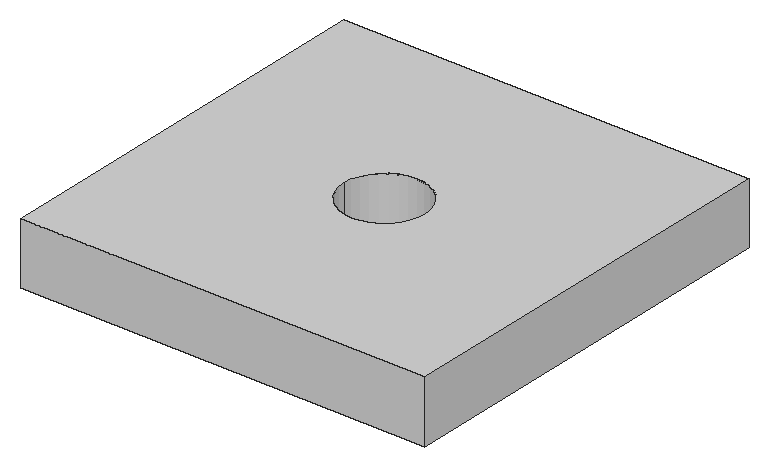
Revit family "BASE PLATE D20_1905047", category Generic Models, Revit 2018
Family settings
  Can host rebar = No
  Round Connector Dimension = Use Diameter
  Part Type = Normal
  OmniClass Number = 35.51.14.00
  OmniClass Title = FORMWORK
  Work Plane-Based = Yes
  Always vertical = No
  Cut with Voids When Loaded = No
  Shared = Yes
  Room Calculation Point = No
Parameters
  VERSION = "20190304"  # constant formula
  URL = "www.ulmaconstruction.com/en"
  UNICLASS = ""
  Model = ""
  Manufacturer = "ULMA CONSTRUCTION"  # constant formula
  ITEM_CODE = "1905047"
  FILTER [instance] = ""
  Default Elevation = 0 mm
  CLASSIFICATION_TITLE = ""
  CLASSIFICATION_NUMBER = ""
Reference planes
  plane 1 "Centro (Frontal/Posterior)": y = 0
  plane 2: z = 0
  plane 3 "Centro (Izquierda/Derecha)": x = 0
Forms (mm)
  Extrusion 1, solid, material "ULMA ZINC"
    sketch origin (0, 0, 0) x (1, 0, 0) y (0, 1, 0)
      loop
        line (-65, 65) -> (-65, -65) -> (65, -65) -> (65, 65) -> (-65, 65)
      loop
        circle (0, 0) r 13
    from 0 to 20
Dimensions and locks
  aligned and locked: level to plane 2
